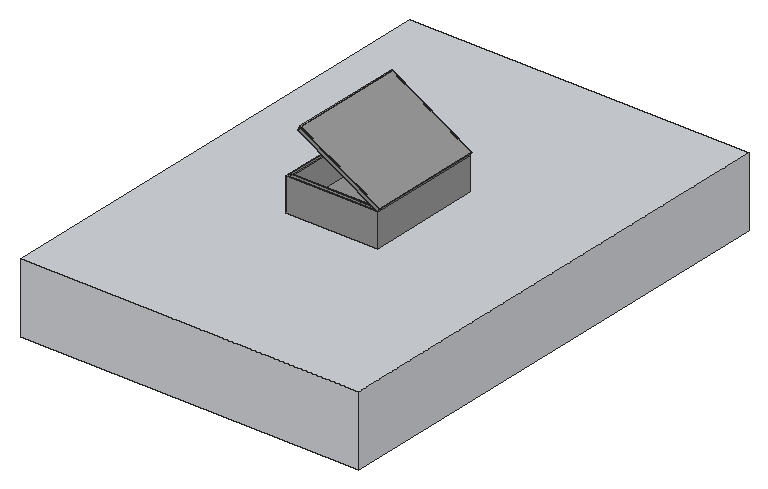
Revit family "Hager-Orion_Inox-IP65-D160-Cl.I-Inox_encl-630A-500mm-IT-it", category Equipement électrique, Revit 2020
Family settings
  Hôte = Face
  Configuration du panneau = Deux colonnes, circuits au sein
  Cote de connecteur circulaire = Utiliser le diamètre
  Type d'élément = Tableau de raccordement
  Couper avec des vides une fois chargée = Non
  Partagée = Non
  Point de calcul de pièce = Non
Parameters (values of type "incassato IP65 L400 A500 P160  - FL712BW")
  Width Control [instance] = if([EF000008 - Larghezza] > Min Width, [EF000008 - Larghezza], Min Width)  # 400 mm
  Commentaires du type = [HG000003 - Gamma]  # "Orion Inox"
  Thickness Door [instance] = if([EF009171 - spessore materiale porta/coperchio] > 3 mm, 3 mm, [EF009171 - spessore materiale porta/coperchio])  # 1.5 mm
  Seal Frame Offset [instance] = 17 mm  # constant formula
  Model = ""
  Min Width [instance] = 100 mm  # constant formula
  Min Height [instance] = 100 mm  # constant formula
  Min Depth [instance] = (2 * [EF009170 - spessore materiale scatola]) + 1 mm  # 3.4 mm
  Internal Frame Depth [instance] = (Door System Depth * 0.5)  # 9 mm
  Height Control [instance] = if([EF000040 - Altezza] > Min Height, [EF000040 - Altezza], Min Height)  # 500 mm
  HG000027 - Altezza dello zoccolo = 0 mm
  HG000026 - A pavimento = no
  HG000024 - Altezza della sezione inferiore = 800 mm
  HG000023 - Custodia a doppia sezione = no
  HG000016 - Visibilità delle porte nella vista 3D [instance] = yes
  HG000015 - Visibilità attraverso la porta [instance] = no
  HG000014 - Porta destra [instance] = yes
  HG000013 - Porta sinistra [instance] = not([HG000014 - Porta destra])  # no
  HG000012 - Angolo di apertura della porta [instance] = 30.00°
  HG000010 - Porte asimmetriche = no
  HG000009 - Porta doppia a battente = no
  HG000006 - Ad incasso = yes
  HG000004 - Codice produttore = "FL712BW"
  HG000003 - Gamma = "Orion Inox"
  HG000002 - Con porta = yes
  Frame Offset Bottom [instance] = 10 mm  # constant formula
  Frame Offset [instance] = 15 mm  # constant formula
  EF015940 - Coprire con rilascio di sovrapressione = no
  EF011959 - tipo di protezione (NEMA) = ""
  EF009554 - numero delle aperture per la piastra della flangia = 2
  Fabricant = "Hager"  # constant formula
  EF009212 - esecuzione coperchio = "EV009916 - con taglio"
  EF009171 - spessore materiale porta/coperchio = 1.5 mm
  EF009170 - spessore materiale scatola = 1.2 mm
  EF008873 - corrente nominale (In) = 630 A
  EF007800 - adatto per parafulmine = no
  EF006306 - con serratura = yes
  EF006244 - coperchio/porta trasparente = no
  EF005474 - grado di protezione (IP) = "EV006421 - IP65"
  EF004464 - tipo di porta = "EV002646 - singolo"
  EF004427 - numero di moduli = 0
  EF004293 - resistenza agli urti = "EV008784 - IK10"
  EF003532 - adatto per uso esterno = yes
  EF002950 - Numero moduli DIN = 0
  EF001613 - Integrità del circuito = ""
  EF001596 - Attacco Lampada = "EV000166 - acciaio inossidabile"
  EF001131 - profondità interna = 160 mm
  EF001088 - possibilità di applicazione = no
  EF000437 - numero di ingressi per conduttori = 2
  EF000339 - tipo di copertura = "EV004216 - porta"
  EF000266 - numero di file = 0
  EF000218 - profondità di incasso = 0 mm
  EF000118 - con piastra di montaggio = yes
  EF000116 - numero RAL = ""
  EF000049 - profondità = 160 mm
  EF000040 - Altezza = 500 mm
  EF000008 - Larghezza = 400 mm
  EF000007 - colore = "EV000154 - altri"
  EF000003 - Tipo di montaggio = "EV001247 - apparente/incassato"
  Door System Leaf Tolerance [instance] = 1.5 mm  # constant formula
  Door System Depth [instance] = 18 mm  # constant formula
  Depth Control [instance] = if([EF000049 - profondità] > Min Depth, [EF000049 - profondità], Min Depth)  # 160 mm
  Default Elevation = 0 mm
Types (2, lengths in mm): name | HG000006 - Ad incasso
  apparente IP65 L400 A500 P160  - FL712BW | no
  incassato IP65 L400 A500 P160  - FL712BW | yes
Reference planes
  plane 1 "Center (Front/Back)": y = 0
  plane 2: z = 0
  plane 3 "Center (Left/Right)": x = 0
  plane 4: z = 160
  plane 5: y = 1.2
  plane 6: y = 250
  plane 7: y = 0
  plane 8: y = 500
  plane 9: z = 0
  plane 10: x = -185
  plane 11: x = 185
  plane 12: x = 183.8
  plane 13: x = -183.8
  plane 14: y = 498.8
  plane 15: x = -183
  plane 16: x = -200
  plane 17: x = 183
  plane 18: x = 200
  plane 19: x = 198.8
  plane 20: x = -198.8
  plane 21: y = 11.2
  plane 22: y = 500
  plane 23: y = 483.8
  plane 24: z = 142
  plane 25: z = 1.2
  plane 26: z = 140.8
  plane 27: z = 158.8
Forms (mm)
  Extrusion 1, solid
    sketch origin (0, 0, 0) x (1, 0, 0) y (0, 1, 0)
      loop
        line (-702.964, 1305) -> (-702.964, -811.445) -> (766.763, -811.445) -> (766.763, 1305) -> (-702.964, 1305)
    from 0 to -304.8
  Extrusion 2, solid, material "Hager_Stainless_Steel", detail levels medium+fine
    sketch origin (0, 0, 0) x (1, 0, 0) y (0, 1, 0)
      loop
        line (-200, 0) -> (200, 0) -> (200, 500) -> (-200, 500) -> (-200, 0)
    from 0 to 142
  Extrusion 3, solid, material "Hager_Steel_RAL 7035_Light_Grey", not visible, detail levels medium+fine
    sketch origin (0, 28.16, 50.802) x (0, 1, 0) y (0, 0, 1)
      loop
        line (273.34, -50.802) -> (273.34, 97.998)
        arc (273.34, 97.998) -> (270.411, 105.069) -> (263.34, 107.998) r 10
        line (263.34, 107.998) -> (233.34, 107.998) -> (233.34, -50.802) -> (273.34, -50.802)
    from -198.8 to 198.8
  Extrusion 4, void
    sketch origin (0, 0, 0) x (1, 0, 0) y (0, 1, 0)
      loop
        line (-198.8, 1.2) -> (198.8, 1.2) -> (198.8, 498.8) -> (-198.8, 498.8) -> (-198.8, 1.2)
    from 1.2 to 140.8
  Extrusion 5, void
    sketch origin (-381.607, -4572, 142) x (0, -1, 0) y (-1, 0, 0)
      loop
        line (-4583.2, -197.807) -> (-5055.8, -197.807) -> (-5055.8, -565.407) -> (-4583.2, -565.407) -> (-4583.2, -197.807)
    from 0 to 1.2 <- "EF009170 - spessore materiale scatola"
  Extrusion 6, solid, material "Hager_Stainless_Steel", detail levels fine
    sketch origin (-381.607, -4572, 142) x (-1, 0, 0) y (0, -1, 0)
      loop
        line (-197.807, -4583.2) -> (-565.407, -4583.2) -> (-565.407, -5055.8) -> (-197.807, -5055.8) -> (-197.807, -4583.2)
      loop
        line (-197.107, -4581.7) -> (-566.107, -4581.7) -> (-566.107, -5057.3) -> (-197.107, -5057.3) -> (-197.107, -4581.7)
    from 0 to 9 <- "Internal Frame Depth"
  Extrusion 7, solid, material "Hager_Stainless_Steel", detail levels coarse
    sketch origin (0, 0, 0) x (1, 0, 0) y (0, 1, 0)
      loop
        line (-200, 0) -> (200, 0) -> (200, 500) -> (-200, 500) -> (-200, 0)
    from 0 to 160
Cuts and joins
  Extrusion 4, Extrusion 5 cuts Extrusion 2
Lines and regions (mm)
  Masking region 1
    outline origin (0, 0, 0) x (1, 0, 0) y (0, 0, 1)
      loop
        line (-200, 160) -> (-200, 0) -> (200, 0) -> (200, 160) -> (-200, 160)
  Masking region 2, detail levels medium+fine
    outline origin (0, 140, 0) x (0, 1, 0) y (0, 0, 1)
      loop
        line (-140, 0) -> (360, 0) -> (360, 142) -> (-140, 142) -> (-140, 0)
  Masking region 3, not visible, detail levels medium+fine
    outline origin (0, 297.922, 0) x (0, 1, 0) y (0, 0, 1)
      loop
        line (-36.422, 0) -> (3.578, 0) -> (3.578, 148.8)
        arc (3.578, 148.8) -> (0.649, 155.871) -> (-6.422, 158.8) r 10
        line (-6.422, 158.8) -> (-36.422, 158.8) -> (-36.422, 0)
  Masking region 4, detail levels coarse
    outline origin (0, 0, 180) x (0, 1, 0) y (0, 0, 1)
      loop
        line (0, -180) -> (500, -180) -> (500, -20) -> (0, -20) -> (0, -180)
  Masking region 5
    outline origin (-381.607, -4572, 142) x (-1, 0, 0) y (0, -1, 0)
      loop
        line (-181.607, -5072) -> (-181.607, -4572) -> (-581.607, -4572) -> (-581.607, -5072) -> (-181.607, -5072)
Dimensions and locks
  "Depth Control": plane 4 to Extrusion 1
  "EF009170 - spessore materiale scatola": plane 5 to plane 7
  locked: connector elem to plane 3 "Center (Left/Right)"
  equal spacing: plane 8, plane 6, plane 7
  locked: connector elem to plane 6
  "EF009170 - spessore materiale scatola": plane 8 to plane 14
  "EF009170 - spessore materiale scatola": plane 10 to plane 13
  "EF009170 - spessore materiale scatola": plane 12 to plane 11
  "Frame Offset": plane 20 to plane 13
  "Frame Offset": plane 12 to plane 19
  "EF009170 - spessore materiale scatola": plane 16 to plane 20
  "EF009170 - spessore materiale scatola": plane 19 to plane 18
  "Seal Frame Offset": plane 16 to plane 15
  "Seal Frame Offset": plane 17 to plane 18
  "Frame Offset Bottom": plane 21 to plane 5
  "Frame Offset": plane 14 to plane 23
  equal spacing: plane 16, plane 3 "Center (Left/Right)", plane 18
  "Width Control": plane 16 to plane 18
  "EF009170 - spessore materiale scatola": plane 4 to plane 27
  "EF009170 - spessore materiale scatola": plane 24 to plane 26
  "EF009170 - spessore materiale scatola": plane 25 to level
  "Door System Depth": plane 4 to plane 24
  "Height Control": plane 1 "Center (Front/Back)" to Extrusion 7 sketch curve
  "Height Control": Masking region 4 sketch curve to plane 1 "Center (Front/Back)"
  "Thickness Door": Extrusion 6 sketch curve to plane 15
  "Thickness Door": plane 21 to Extrusion 6 sketch curve
  "Thickness Door": plane 17 to Extrusion 6 sketch curve
  "Thickness Door": Extrusion 6 sketch curve to plane 23
  "Height Control": plane 1 "Center (Front/Back)" to plane 22
  radius of Masking region 3 sketch curve = 10 mm
  radius of Extrusion 3 sketch curve = 10 mm
  aligned and locked: plane 2 to Extrusion 1
  aligned and locked: level to Extrusion 1
  aligned and locked: level to Masking region 1 sketch curve
  aligned and locked: Masking region 1 sketch curve to plane 18
  aligned and locked: Masking region 1 sketch curve to plane 16
  aligned and locked: plane 7 to Masking region 2 sketch curve
  aligned and locked: level to Masking region 3 sketch curve
  aligned and locked: Masking region 3 sketch curve to plane 27
  aligned and locked: level to Masking region 2 sketch curve
  aligned and locked: Extrusion 2 sketch curve to plane 7
  aligned and locked: plane 16 to Extrusion 2 sketch curve
  aligned and locked: plane 18 to Extrusion 2 sketch curve
  aligned and locked: Extrusion 3 sketch curve to level
  aligned and locked: plane 27 to Extrusion 3 sketch curve
  aligned and locked: plane 20 to Extrusion 3
  aligned and locked: plane 19 to Extrusion 3
  aligned and locked: plane 20 to Extrusion 4 sketch curve
  aligned and locked: plane 19 to Extrusion 4 sketch curve
  aligned and locked: Extrusion 4 sketch curve to plane 5
  aligned and locked: Extrusion 4 to plane 25
  aligned and locked: plane 26 to Extrusion 4
  aligned and locked: plane 24 to Extrusion 2
  aligned and locked: plane 21 to Extrusion 5 sketch curve
  aligned and locked: Extrusion 5 sketch curve to plane 13
  aligned and locked: Extrusion 5 sketch curve to plane 12
  aligned and locked: plane 18 to Extrusion 7 sketch curve
  aligned and locked: plane 1 "Center (Front/Back)" to Extrusion 7 sketch curve
  aligned and locked: plane 16 to Extrusion 7 sketch curve
  aligned and locked: plane 4 to Extrusion 7
  aligned and locked: Extrusion 7 to level
  aligned and locked: level to Masking region 4 sketch curve
  aligned and locked: Masking region 4 sketch curve to plane 1 "Center (Front/Back)"
  aligned and locked: Masking region 4 sketch curve to plane 4
  aligned and locked: nested 1 to level
  aligned and locked: nested 1 to plane 16
  aligned and locked: plane 8 to Extrusion 2 sketch curve
  aligned and locked: plane 23 to Extrusion 5 sketch curve
  aligned and locked: plane 14 to Extrusion 4 sketch curve
  aligned and locked: Extrusion 6 sketch curve to plane 21
  aligned and locked: plane 13 to Extrusion 6 sketch curve
  aligned and locked: plane 23 to Extrusion 6 sketch curve
  aligned and locked: plane 12 to Extrusion 6 sketch curve
  aligned and locked: Masking region 2 sketch curve to plane 8
  aligned and locked: Masking region 2 sketch curve to plane 24
  aligned and locked: nested 2 to plane 3 "Center (Left/Right)"
  aligned and locked: nested 2 to plane 24
  aligned and locked: Masking region 5 sketch curve to plane 1 "Center (Front/Back)"
  aligned and locked: Masking region 5 sketch curve to plane 18
  aligned and locked: Masking region 5 sketch curve to plane 22
  aligned and locked: Masking region 5 sketch curve to plane 16
  aligned and locked: plane 8 to plane 22
  aligned and locked: plane 7 to plane 1 "Center (Front/Back)"
  aligned and locked: nested 2 to plane 1 "Center (Front/Back)"
Automatic sketch dimensions
  Extrusion 1 sketch curve to Extrusion 1 sketch curve = 1469.727 mm
  Extrusion 1 sketch curve to Extrusion 1 sketch curve = 2116.445 mm
  plane 6 to Masking region 3 sketch curve = 11.5 mm
  Masking region 3 sketch curve to Masking region 3 sketch curve = 30 mm
  plane 6 to Extrusion 3 sketch curve = 11.5 mm
  Extrusion 3 sketch curve to Extrusion 3 sketch curve = 30 mm
  Masking region 1 sketch curve to plane 4 = 0 mm
Nested families
  nested 1: "Hager_Enclosure_Symbol" at (-200, 0, 0) x (1, 0, 0) z (0, -1, 0), Height <- "Depth Control", Width <- "Width Control", type "Hager_Enclosure_Symbol"
    with Width_Ctrl 400 mm, Width 400 mm, Height_Ctrl 160 mm, Height 160 mm, A_Width_Int 10.5 mm, A_Width 126 mm, A_Height_Ctrl 140 mm, A_Height 140 mm
  nested 2: "EC000058_OrionInox_Door" at (0, 500, 142) x (1, 0, 0) z (0, -1, 0), Leaf_Tolerance <- "Door System Leaf Tolerance", Angle <- "HG000012 - Angolo di apertura della porta", Door_Depth <- "Door System Depth", Door_Left <- "HG000013 - Porta sinistra", Transparent <- "EF006244 - coperchio/porta trasparente", Assymetrical <- "HG000010 - Porte asimmetriche", Width <- "Width Control", Clearance <- "HG000015 - Visibilità attraverso la porta", Double <- "HG000009 - Porta doppia a battente", 3d_Door <- "HG000016 - Visibilità delle porte nella vista 3D", Width_Ctrl <- "Width Control", Door_Right <- "HG000014 - Porta destra", Door <- "HG000002 - Con porta", Height <- "Height Control", Thickness <- "Thickness Door", type "EC000058_OrionInox_Door", detail levels medium+fine
    with min_wh 4 mm, Width_Ctrl 400 mm, Width 400 mm, Transparent no, Thickness 1.5 mm, Seal_Material Hager_Rubber, Leaf_Width 400 mm, Leaf_Tolerance_External_Sides 0 mm, Leaf_Tolerance 1.5 mm, Leaf_Offset 0 mm, Leaf_Height 497 mm, Leaf_2_Width 400 mm, Leaf_2_Offset 200 mm, Leaf_1_Width 400 mm, Leaf_1_Offset 200 mm, Height_Ctrl 500 mm, Height 500 mm, Glass_Material Hager_Glass, Double_Clearance_Ctrl no, Double no, Door_Right_Ctrl yes, Door_Right yes, Door_Material Hager_Stainless_Steel, Door_Left_Ctrl no, Door_Left no, Door_Depth 18 mm, Door yes, Clearance_Material Hager_Clearance, Clearance_Depth 400 mm, Clearance_Ctrl no, Clearance no, Assymetrical no, Angle 30.00°, 3d_Door yes
Connectors
  electrical at (0, 250, 0)
    settings: on plane 9, index 1, voltage 0 V, apparent load 0 VA, apparent load phase1 0 VA, apparent load phase2 0 VA, apparent load phase3 0 VA, power factor 1, load classification "Other", number of poles 1, system type 30, power factor state 1, is connector primary yes, connector utility no, sub classification motor no, connector description ""
Definition of nested family "EC000058_OrionInox_Door"
  Parameters (values of type "EC000058_OrionInox_Door")
    min_wh [instance] = (2 * Thickness) + 1 mm  # 11 mm
    Width_Ctrl [instance] = 400 mm
    Width [instance] = 500 mm
    Transparent [instance] = yes
    Thickness [instance] = 5 mm
    Seal_Material [instance] = none
    Leaf_Width [instance] = if((Width_Ctrl - 2 * Leaf_Tolerance_External_Sides) > 0 mm, (Width_Ctrl - 2 * Leaf_Tolerance_External_Sides), min_wh)  # 400 mm
    Leaf_Tolerance_External_Sides [instance] = 0 mm  # constant formula
    Leaf_Tolerance [instance] = 1.5 mm
    Leaf_Offset [instance] = 0 mm  # constant formula
    Leaf_Height [instance] = if((Height_Ctrl - 2 * Leaf_Tolerance) > 0 mm, (Height_Ctrl - 2 * Leaf_Tolerance), min_wh)  # 497 mm
    Leaf_2_Width [instance] = if(and(and(Double, Assymetrical), Door_Left), (Leaf_Width / 3) - (Leaf_Tolerance / 2), if(and(and(Double, Assymetrical), Door_Right), (Leaf_Width / 3) * 2 - (Leaf_Tolerance / 2), if(and(Double, not(Assymetrical)), (Leaf_Width / 2) - Leaf_Tolerance, Leaf_Width)))  # 400 mm
    Leaf_2_Offset [instance] = if(and(Double, Assymetrical), Leaf_2_Width / 2, if(and(Double, not(Assymetrical)), Leaf_Width / 4, Leaf_Width / 2))  # 200 mm
    Leaf_1_Width [instance] = if(and(and(Double, Assymetrical), Door_Right), (Leaf_Width / 3) - (Leaf_Tolerance / 2), if(and(and(Double, Assymetrical), Door_Left), (Width / 3) * 2 - (Leaf_Tolerance / 2), if(and(Double, not(Assymetrical)), (Leaf_Width / 2) - Leaf_Tolerance, Leaf_Width)))  # 400 mm
    Leaf_1_Offset [instance] = if(and(Double, Assymetrical), Leaf_1_Width / 2, if(and(Double, not(Assymetrical)), Leaf_Width / 4, Leaf_Width / 2))  # 200 mm
    Height_Ctrl [instance] = if(Height > min_wh, Height, min_wh)  # 500 mm
    Height [instance] = 500 mm
    Glass_Material [instance] = none
    Double_Clearance_Ctrl [instance] = and(Double, Clearance)  # no
    Double [instance] = no
    Door_Right_Ctrl [instance] = and(or(Door_Right, Double), Door)  # yes
    Door_Right [instance] = yes
    Door_Material [instance] = none
    Door_Left_Ctrl [instance] = and(or(Door_Left, Double), Door)  # no
    Door_Left [instance] = no
    Door_Depth [instance] = 30 mm
    Door [instance] = yes
    Default Elevation = 1219.2 mm
    Clearance_Material [instance] = none
    Clearance_Depth [instance] = if(Leaf_1_Width > Leaf_2_Width, Leaf_1_Width, Leaf_2_Width)  # 400 mm
    Clearance_Ctrl [instance] = and(not(Double), Clearance)  # yes
    Clearance [instance] = yes
    Assymetrical [instance] = yes
    Angle [instance] = 30.00°
    3d_Door [instance] = yes
  Reference planes
    plane 1 "Center (Front/Back)": y = 0
    plane 2 "Bottom": z = 0
    plane 3 "Center (Left/Right)": x = 0
    plane 4: z = 500
    plane 5: x = -200
    plane 6: x = 200
    plane 7: z = 500
    plane 8: x = -200
    plane 9: z = 0
    plane 10: x = 200
    plane 11: y = 0
    plane 12: z = 1.5
    plane 13: x = -600
    plane 14: y = -400
    plane 15: x = 600
    plane 16: x = 0
    plane 17: x = 0
    plane 18: x = -200
    plane 19: x = 200
    plane 20: z = 498.5
  Forms (mm)
    Extrusion 1, solid, material <- "Clearance_Material", visible <- "Double_Clearance_Ctrl"
      sketch origin (1200, 0, 0) x (1, 0, 0) y (0, 0, -1)
        loop
          line (-1800, -498.5) -> (-600, -498.5) -> (-600, 0) -> (-1800, 0) -> (-1800, -498.5)
      from 0 to -400
  Dimensions and locks
    equal spacing: plane 5, plane 3 "Center (Left/Right)", plane 6
    "Width_Ctrl": plane 5 to plane 6
    "Leaf_Offset": plane 5 to plane 8
    "Leaf_Offset": plane 6 to plane 10
    "Leaf_Offset": plane 9 to level
    "Leaf_Offset": plane 4 to plane 7
    "Height_Ctrl": plane 4 to level
    "Leaf_Tolerance": plane 12 to plane 9
    locked: plane 11 to plane 1 "Center (Front/Back)"
    "Leaf_1_Offset": plane 18 to plane 16
    "Leaf_2_Offset": plane 17 to plane 19
    "Leaf_1_Width": plane 13 to plane 8
    "Leaf_2_Width": plane 10 to plane 15
    "Clearance_Depth": plane 14 to plane 1 "Center (Front/Back)"
    "Leaf_Tolerance_External_Sides": plane 8 to plane 18
    "Leaf_Tolerance_External_Sides": plane 19 to plane 10
    "Leaf_Tolerance": plane 7 to plane 20
    aligned and locked: level to plane 2 "Bottom"
    aligned and locked: nested 1 to plane 16
    aligned and locked: nested 2 to plane 17
    aligned and locked: Extrusion 1 to plane 13
    aligned and locked: plane 15 to Extrusion 1
    aligned and locked: Extrusion 1 to plane 14
    aligned and locked: plane 12 to nested 1
    aligned and locked: nested 2 to plane 12
    aligned and locked: Extrusion 1 to plane 11
    aligned and locked: plane 20 to Extrusion 1
    aligned and locked: nested 2 to plane 11
    aligned and locked: nested 1 to plane 11
  Automatic sketch dimensions
    Extrusion 1 sketch curve to level = 0 mm
    plane 5 to Extrusion 1 sketch curve = 400 mm
    plane 6 to Extrusion 1 sketch curve = 400 mm
    Extrusion 1 sketch curve to plane 4 = 1.5 mm
  Nested families
    nested 1: "EC000058_OrionInox_Door_Leaf" at (0, 0, 1.5), Width <- "Leaf_1_Width", visible <- "Door_Left_Ctrl", Leaf_Height <- "Leaf_Height", Angle <- "Angle", 3d_Door <- "3d_Door", Transparent <- "Transparent", Clearance Material <- "Clearance_Material", Clearance <- "Clearance_Ctrl", Door_Material <- "Door_Material", Glass_Material <- "Glass_Material", Door_Depth <- "Door_Depth", Seal_Material <- "Seal_Material", Thickness <- "Thickness", type "EC000058_OrionInox_Door_Leaf"
      with Width 400 mm, Transparent_Ctrl yes, Transparent yes, Thickness 5 mm, Standard no, Seal_Material none, Seal_D2 8 mm, Seal_D1 1 mm, Offset_Internal_Frame 10 mm, Lock_Width 28 mm, Lock_Thickness 2 mm, Lock_Radius 6 mm, Leaf_Height 497 mm, Internal_Seal_Thickness 8 mm, Internal_Seal_Depth_2 4.5 mm, Internal_Frame_Depth 25 mm, Glass_Thickness -1 mm, Glass_Offset -2 mm, Glass_Material none, Door_Material none, Door_Depth 30 mm, Clearance Material none, Clearance yes, Angle_Ctrl 30.00°, Angle 30.00°, 3d_Door yes
    nested 2: "EC000058_OrionInox_Door_Leaf" at (0, 0, 1.5) x (-1, 0, 0) z (0, 0, 1), Width <- "Leaf_2_Width", visible <- "Door_Right_Ctrl", Leaf_Height <- "Leaf_Height", Angle <- "Angle", 3d_Door <- "3d_Door", Transparent <- "Transparent", Clearance Material <- "Clearance_Material", Clearance <- "Clearance_Ctrl", Door_Material <- "Door_Material", Glass_Material <- "Glass_Material", Door_Depth <- "Door_Depth", Seal_Material <- "Seal_Material", Thickness <- "Thickness", type "EC000058_OrionInox_Door_Leaf"
      with Width 400 mm, Transparent_Ctrl yes, Transparent yes, Thickness 5 mm, Standard no, Seal_Material none, Seal_D2 8 mm, Seal_D1 1 mm, Offset_Internal_Frame 10 mm, Lock_Width 28 mm, Lock_Thickness 2 mm, Lock_Radius 6 mm, Leaf_Height 497 mm, Internal_Seal_Thickness 8 mm, Internal_Seal_Depth_2 4.5 mm, Internal_Frame_Depth 25 mm, Glass_Thickness -1 mm, Glass_Offset -2 mm, Glass_Material none, Door_Material none, Door_Depth 30 mm, Clearance Material none, Clearance yes, Angle_Ctrl 30.00°, Angle 30.00°, 3d_Door yes
  Definition of nested family "EC000058_OrionInox_Door_Leaf"
    Parameters (values of type "EC000058_OrionInox_Door_Leaf")
      Width [instance] = 450 mm
      Transparent_Ctrl [instance] = and(Transparent, [3d_Door])  # yes
      Transparent [instance] = yes
      Thickness [instance] = 5 mm
      Standard [instance] = and(not(Transparent), [3d_Door])  # no
      Seal_Material [instance] = none
      Seal_D2 [instance] = 8 mm  # constant formula
      Seal_D1 [instance] = 1 mm  # constant formula
      Offset_Internal_Frame [instance] = 10 mm  # constant formula
      Lock_Width [instance] = Door_Depth - Lock_Thickness  # 28 mm
      Lock_Thickness [instance] = 2 mm  # constant formula
      Lock_Radius [instance] = 6 mm  # constant formula
      Leaf_Height [instance] = 450 mm
      Internal_Seal_Thickness [instance] = 8 mm  # constant formula
      Internal_Seal_Depth_2 [instance] = 4.5 mm  # constant formula
      Internal_Frame_Depth [instance] = if(Door_Depth - Thickness > 5 mm, Door_Depth - Thickness, 5 mm)  # 25 mm
      Glass_Thickness [instance] = if(Thickness > 15 mm, Glass_Offset + 10 mm, -1 mm)  # -1 mm
      Glass_Offset [instance] = if(Thickness > 15 mm, -(Thickness + 10 mm) / 2, -2 mm)  # -2 mm
      Glass_Material [instance] = none
      Door_Material [instance] = none
      Door_Depth [instance] = 30 mm
      Default Elevation = 0 mm
      Clearance Material [instance] = none
      Clearance [instance] = yes
      Angle_Ctrl [instance] = if(Angle > 180.00°, 180.00°, Angle)  # 90.00°
      Angle [instance] = 90.00°
      3d_Door [instance] = yes
    Reference planes
      plane 1 "Center (Front/Back)": y = 0
      plane 2: z = 0
      plane 3 "Center (Left/Right)": x = 0
      plane 4: y = 450
      plane 5: x = -225
      plane 6: x = 225
      plane 7: x = -675
      plane 8: z = 450
      plane 9: z = 30
      plane 10: z = 420
      plane 11: x = 195
      plane 12: x = -195
      plane 13: y = -3
      plane 14: z = 107.833
      plane 15: y = -5
      plane 16: y = -223.314
      plane 17: x = -225
      plane 18: y = 30
    Forms (mm)
      Extrusion 1, solid, material <- "Clearance Material", visible <- "Clearance"
        sketch origin (0, 0, 0) x (1, 0, 0) y (0, 0, 1)
          loop
            line (-675, 450) -> (-675, 0) -> (225, 0) -> (225, 450) -> (-675, 450)
        from 0 to -450
      Extrusion 2, solid, material <- "Door_Material", visible <- "Standard", detail levels medium+fine
        sketch origin (-225, 0, 0) x (0, 1, 0) y (-1, 0, 0)
          loop
            line (0, 30) -> (0, 25) -> (450, 25) -> (450, 30) -> (0, 30)
        from 0 to 450 <- "Leaf_Height"
      Extrusion 3, solid, material <- "Door_Material", visible <- "Transparent_Ctrl", detail levels medium+fine
        sketch origin (-225, 0, 0) x (0, 1, 0) y (-1, 0, 0)
          loop
            line (0, 25) -> (450, 25) -> (450, 30) -> (0, 30) -> (0, 25)
        from 0 to 450 <- "Leaf_Height"
      Extrusion 4, void
        sketch origin (-250, 450, 0) x (0, 1, 0) y (0, 0, -1)
          loop
            line (-30, -420) -> (-30, -30) -> (-420, -30) -> (-420, -420) -> (-30, -420)
        from 0 to 5 <- "Thickness"
      Sweep 5, solid, material <- "Seal_Material", visible <- "Transparent_Ctrl", detail levels fine
        path in 3D
          loop
            line (-250, 30, 30) -> (-250, 30, 420) -> (-250, 420, 420) -> (-250, 420, 30) -> (-250, 30, 30)
        profile origin (-250, 225, 30) x (1, 0, 0) y (0, 0, 1)
          loop
            line (0, 0) -> (0, -8) -> (1, -8) -> (1, 0) -> (0, 0)
      Extrusion 6, solid, material <- "Glass_Material", visible <- "Transparent_Ctrl", detail levels medium+fine
        sketch origin (-255, 0, 0) x (0, 1, 0) y (0, 0, -1)
          loop
            line (420, -420) -> (420, -30) -> (30, -30) -> (30, -420) -> (420, -420)
        from -2 <- "Glass_Offset" to -1 <- "Glass_Thickness"
      Extrusion 7, solid, material <- "Door_Material", visible <- "3d_Door", detail levels medium+fine
        sketch origin (-250, 450, 0) x (0, -1, 0) y (0, 0, -1)
          loop
            line (0, -450) -> (450, -450) -> (450, 0) -> (0, 0) -> (0, -450)
          loop
            line (445, -5) -> (5, -5) -> (5, -445) -> (445, -445) -> (445, -5)
        from 0 to 25 <- "Internal_Frame_Depth"
      Sweep 8, solid, material <- "Seal_Material", visible <- "Transparent_Ctrl", detail levels fine
        path in 3D
          loop
            line (-250, 0, 0) -> (-250, 450, 0) -> (-250, 450, 450) -> (-250, 0, 450) -> (-250, 0, 0)
        profile origin (-250, 0, 225) x (1, 0, 0) y (0, 1, 0)
          loop
            line (0, 10) -> (2.975, 10)
            arc (2.975, 10) -> (4.053, 10.447) -> (4.5, 11.525) r 1.525
            line (4.5, 11.525) -> (4.5, 16.527)
            arc (4.5, 16.527) -> (4.069, 17.569) -> (3.027, 18) r 1.473
            line (3.027, 18) -> (0, 18) -> (0, 10)
    Cuts and joins
      Extrusion 4 cuts Extrusion 3
    Lines and regions (mm)
      Masking region 1, detail levels medium+fine
        outline origin (0, 0, 0) x (0, 1, 0) y (0, 0, 1)
          loop
            line (0, 0) -> (30, 0) -> (30, 450) -> (0, 450) -> (0, 0)
      Masking region 2, detail levels medium+fine
        outline origin (0, 0, 0) x (1, 0, 0) y (0, 0, 1)
          loop
            line (-225, 450) -> (-225, 0) -> (225, 0) -> (225, 450) -> (-225, 450)
      symbolic lines
        curve 1: line (225, 0, 0) -> (-675, 0, 0)
        curve 2: arc (225, 0, 0) -> (-225, 450, 0) -> (-675, 0, 0) r 450
        curve 4: line (-255, 0, 0) -> (-255, 450, 0)
      reference lines
        curve 3: line (-225, 0, 0) -> (-225, 450, 0)
      symbolic lines, detail levels medium+fine
        curve 5: line (-255, 450, 0) -> (-250, 450, 0)
        curve 7: line (-250, 0, 0) -> (-255, 0, 0)
        curve 8: line (-250, 0, 0) -> (-225, 0, 0)
        curve 9: line (-225, 0, 0) -> (-225, 450, 0)
        curve 10: line (-225, 450, 0) -> (-250, 450, 0)
      symbolic lines, detail levels fine
        curve 6: line (-250, 450, 0) -> (-250, 0, 0)
      sketch lines
        curve 11: line (-250, 0, 450) -> (-250, 0, 0)
        curve 12: line (-250, 450, 0) -> (-250, 0, 0)
        curve 13: line (-250, 450, 450) -> (-250, 450, 0)
        curve 14: line (-250, 0, 450) -> (-250, 450, 450)
        curve 15: line (-250, 420, 30) -> (-250, 30, 30)
        curve 16: line (-250, 30, 30) -> (-250, 30, 420)
        curve 17: line (-250, 420, 420) -> (-250, 420, 30)
        curve 18: line (-250, 30, 420) -> (-250, 420, 420)
      symbolic lines, visible <- "Transparent", detail levels medium+fine
        curve 19: line (-195, 0, 420) -> (195, 0, 420)
        curve 20: line (-195, 0, 30) -> (-195, 0, 420)
        curve 21: line (195, 0, 30) -> (-195, 0, 30)
        curve 22: line (195, 0, 420) -> (195, 0, 30)
    Dimensions and locks
      "Width": plane 1 "Center (Front/Back)" to plane 4
      equal spacing: plane 5, plane 3 "Center (Left/Right)", plane 6
      "Width": plane 5 to plane 6
      "Width": plane 7 to plane 5
      "Leaf_Height": plane 8 to level
      "Width": curve 5 to curve 3
      "Width": curve 3 to curve 3
      plane 8 to plane 10 = 30 mm
      plane 9 to level = 30 mm
      plane 12 to plane 5 = 30 mm
      plane 6 to plane 11 = 30 mm
      Extrusion 4 sketch curve to Extrusion 3 = 30 mm
      Extrusion 3 to Extrusion 4 sketch curve = 30 mm
      Extrusion 1 to Extrusion 4 sketch curve = 30 mm
      curve 3 to Extrusion 4 sketch curve = 30 mm
      Extrusion 4 sketch curve to cut or joined group of Extrusion 3, Extrusion 4 = 30 mm
      cut or joined group of Extrusion 3, Extrusion 4 to Extrusion 6 sketch curve = 30 mm
      cut or joined group of Extrusion 3, Extrusion 4 to Extrusion 4 sketch curve = 30 mm
      "Thickness": curve 6 to curve 4
      "Thickness": Extrusion 7 sketch curve to Extrusion 7 sketch curve  (x4)
      "Door_Depth": curve 4 to curve 3
      "Offset_Internal_Frame": profile plane to Sweep 8 sketch curve
      "Internal_Seal_Thickness": Sweep 8 sketch curve to Sweep 8 sketch curve
      "Internal_Seal_Depth_2": profile plane to Sweep 8 sketch curve
      "Seal_D1": profile plane to Sweep 5 sketch curve
      "Seal_D2": profile plane to Sweep 5 sketch curve
      "Thickness": Extrusion 2 sketch curve to Extrusion 2 sketch curve
      "Door_Depth": plane 18 to plane 1 "Center (Front/Back)"
      radius of Sweep 8 sketch curve = 1.525 mm
      radius of Sweep 8 sketch curve = 1.473 mm
      "Angle_Ctrl": angle plane 1 "Center (Front/Back)" to curve 3
      aligned and locked: level to plane 2
      aligned and locked: Extrusion 1 to curve 1
      aligned and locked: plane 6 to Extrusion 1
      aligned and locked: plane 1 "Center (Front/Back)" to Extrusion 1
      aligned and locked: plane 4 to Extrusion 1
      aligned and locked: plane 8 to Extrusion 1
      aligned and locked: curve 7 to Extrusion 2 sketch curve
      aligned and locked: curve 5 to Extrusion 2 sketch curve
      aligned and locked: curve 7 to Extrusion 3 sketch curve
      aligned and locked: Extrusion 3 sketch curve to curve 4
      aligned and locked: Extrusion 3 sketch curve to curve 6
      aligned and locked: Extrusion 3 sketch curve to curve 5
      aligned and locked: curve 9 to curve 3
      aligned and locked: Extrusion 7 sketch curve to cut or joined group of Extrusion 3, Extrusion 4  (x4)
      aligned and locked: plane 17 to curve 3
      aligned and locked: plane 1 "Center (Front/Back)" to curve 3
      aligned and locked: plane 17 to plane 5
      aligned and locked: Sweep 8 sketch curve to profile plane
      aligned and locked: Sweep 5 sketch curve to profile plane  (x2)
      aligned and locked: plane 1 "Center (Front/Back)" to Masking region 1 sketch curve
      aligned and locked: plane 18 to Masking region 1 sketch curve
      aligned and locked: level to Masking region 1 sketch curve
      aligned and locked: Masking region 1 sketch curve to plane 8
      aligned and locked: plane 17 to Masking region 2 sketch curve
      aligned and locked: level to Masking region 2 sketch curve
      aligned and locked: Masking region 2 sketch curve to plane 8
      aligned and locked: plane 12 to curve 20
      aligned and locked: plane 10 to curve 19
      aligned and locked: plane 11 to curve 22
      aligned and locked: plane 9 to curve 21
      aligned and locked: Extrusion 2 sketch curve to cut or joined group of Extrusion 3, Extrusion 4
    Automatic sketch dimensions
      plane 1 "Center (Front/Back)" to curve 2 = 0 mm
      curve 2 to plane 5 = 0 mm
      Extrusion 1 sketch curve to level = 0 mm
      Extrusion 1 sketch curve to plane 7 = 0 mm
      Extrusion 1 sketch curve to plane 6 = 0 mm
      Extrusion 1 sketch curve to plane 8 = 0 mm
      Extrusion 3 to Extrusion 6 sketch curve = 30 mm  (x4)
      Masking region 2 sketch curve to plane 6 = 0 mm
      curve 4 to curve 3 = 0 mm
Definition of nested family "Hager_Enclosure_Symbol"
  Parameters (values of type "Hager_Enclosure_Symbol")
    Width_Ctrl [instance] = if(Width > 1 mm, Width, 1 mm)  # 102.27 mm
    Width [instance] = 102.27 mm
    Height_Ctrl [instance] = if(Height > 1 mm, Height, 1 mm)  # 66.5 mm
    A_Width_Int [instance] = if(A_Width / 12 > 2 mm, A_Width / 12, 2 mm)  # 4.364 mm
    A_Width [instance] = if(A_Height_Ctrl * 0.9 > 2 mm, A_Height_Ctrl * 0.9, 2 mm)  # 52.369 mm
    A_Height_Ctrl [instance] = if(A_Height > 2 mm, A_Height, 2 mm)  # 58.188 mm
    Height [instance] = 66.5 mm
    A_Height [instance] = Height - (Height / 8)  # 58.188 mm
  Reference planes
    plane 1 "Centre (avant/arrière)": y = 0
    plane 2: z = 0
    plane 3 "Centre (gauche/droite)": x = 0
    plane 4: x = 52.369
    plane 5: y = 33.042
    plane 6: y = 41.77
    plane 7: y = 66.5
    plane 8: x = 26.184
    plane 9: y = 37.406
    plane 10: x = 102.27
    plane 11: y = 66.5
    plane 12: y = 8.313
  Lines and regions (mm)
    Filled region 1, type "Solid_Black", in view "Niveau de réf."
      outline origin (0, 0, 0) x (1, 0, 0) y (0, 1, 0)
        loop
          line (52.369, 66.5) -> (33.188, 54.536) -> (45.365, 45.006) -> (52.369, 66.5)
    Filled region 2, type "Solid_Black", in view "Niveau de réf."
      outline origin (0, 0, 0) x (1, 0, 0) y (0, 1, 0)
        loop
          line (0, 0) -> (102.27, 0) -> (102.27, 66.5) -> (0, 0)
    detail lines, in view "Niveau de réf."
      curve 1: line (0, 8.313, 0) -> (26.184, 41.77, 0)
      curve 2: line (26.184, 41.77, 0) -> (26.184, 33.042, 0)
      curve 3: line (26.184, 33.042, 0) -> (52.369, 66.5, 0)
  Dimensions and locks
    "A_Width": plane 3 "Centre (gauche/droite)" to plane 4
    equal spacing: plane 3 "Centre (gauche/droite)", plane 8, plane 4
    equal spacing: plane 6, plane 9, plane 5
    equal spacing: curve 3, Filled region 1 sketch curve, Filled region 1 sketch curve
    "Height_Ctrl": plane 1 "Centre (avant/arrière)" to plane 11
    "A_Height_Ctrl": plane 11 to plane 12
    equal spacing: plane 11, plane 9, plane 12
    "A_Width_Int": plane 6 to plane 9
    "Width_Ctrl": plane 3 "Centre (gauche/droite)" to plane 10
    angle Filled region 1 sketch curve to curve 3 = 20.00°
    angle curve 3 to Filled region 1 sketch curve = 20.00°
    locked: curve 3 to Filled region 1 sketch curve (angle 90.00°)
    aligned and locked: plane 10 to Filled region 2
    aligned and locked: plane 11 to Filled region 2 sketch curve
    aligned and locked: plane 10 to Filled region 2 sketch curve
    aligned and locked: plane 3 "Centre (gauche/droite)" to curve 1
    aligned and locked: plane 12 to curve 1
    aligned and locked: plane 7 to plane 11
  Automatic sketch dimensions
    Filled region 1 sketch curve to plane 4 = 0 mm
    Filled region 1 sketch curve to plane 7 = 0 mm
    plane 1 "Centre (avant/arrière)" to Filled region 2 sketch curve = 0 mm
    Filled region 2 sketch curve to plane 3 "Centre (gauche/droite)" = 0 mm
    curve 2 to plane 6 = 0 mm
    curve 2 to plane 8 = 0 mm
    curve 3 to plane 4 = 0 mm
    curve 2 to plane 5 = 0 mm
    curve 3 to plane 7 = 0 mm
